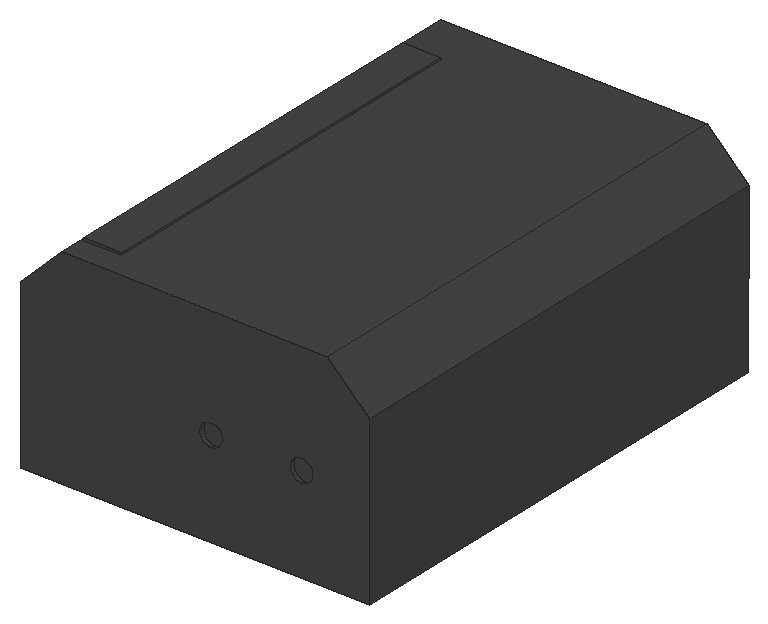
Revit family "SP4182_EUR_Revit", category Mechanical Equipment, Revit 2014
Parameters (values of type "Standard")
  d71 = 0' - 0"
  d65 = 0' - 0"
  d60 = 0' - 0"
  d37 = 0' - 0 1/4"
  d35 = 0' - 0 1/4"
  URL = "www.neptronic.com"
  Part Number = "SP4182_Revit"
  Model = "SKE10, SKE20, SKE30, SKE40"
  Manufacturer = "Neptronic"
  Extrusion_End_1 = -d60  # 0' - 0"
  Designer = "Antoine"
  Design Status = 1
  Description = "Electric Resistive humidifier"
  Date Created = "2014-08-06 15:51:08"
  Connector_5_Diameter = 0' - 0"
  Connector_4_Diameter = 0' - 0"
  Connector_3_Diameter = 0' - 0"
  Connector_2_Diameter = 0' - 0"
  Connector_1_Diameter = 0' - 0"
  Author = "Antoine"
Reference planes (in)
  plane 1 "Center (Front/Back)": y = 0
  plane 2: z = 0
  plane 3 "Center (Left/Right)": x = 0
  plane 4: y = -25.561
  plane 5: y = -25.561
  plane 6: y = -25.311
  plane 7: y = -25.561
  plane 8: y = -25.311
Forms (in)
  Sweep 1, solid
    path in 3D
      loop
        line (-10.5003, 2.939, 3.75715) -> (-10.5003, -25.561, 3.75715)
    profile origin (-10.5003, -25.561, 3.75715) x (0, 0, -1) y (1, 0, 0)
      loop
        line (0, 0) -> (10.00715, 0) -> (10.00715, 21.0003) -> (-0.04232, 21.0003) -> (-2.51382, 18.5288) -> (-2.51382, 2.51382) -> (0, 0)
  Extrusion 2, void
    sketch origin (0, -25.561, 0) x (-1, 0, 0) y (0, 0, -1)
      loop
        circle (-1.0015, 0.445) r 0.6875
    from 0 to -0.25
  Extrusion 3, void
    sketch origin (0, -25.561, 0) x (-1, 0, 0) y (0, 0, -1)
      loop
        circle (-6.438, 0.445) r 0.6875
    from 0 to -0.25
  Extrusion 4, void
    sketch origin (-10.5003, 2.939, 3.75715) x (0, 0, 1) y (1, 0, 0)
      loop
        circle (-8.25715, 9.0003) r 0.25
      loop
        circle (-8.25715, 7.2503) r 0.375
      loop
        circle (-4.75715, 2.5003) r 0.4375
      loop
        circle (-1.75715, 2.5003) r 0.4375
    from 0 to -0.25
  Extrusion 5, solid
    sketch origin (-10.5003, 2.939, 3.75715) x (0, 0, 1) y (1, 0, 0)
      loop
        circle (-0.25715, 16.8753) r 0.375
    from 0 to 0.25
  Extrusion 6, solid
    sketch origin (-7.98648, 2.939, 6.27097) x (0, -1, 0) y (1, 0, 0)
      loop
        line (3, 2.375) -> (3, 0.125) -> (27, 0.125) -> (27, 2.375) -> (3, 2.375)
    from 0 to 0.125
Cuts and joins
  Extrusion 2, Extrusion 3, Extrusion 4 cuts Sweep 1
  joined: Sweep 1, Extrusion 5, Extrusion 6
Lines and regions (in)
  reference lines
    curve 1: line (-10.5003, -25.561, 3.75715) -> (-10.5003, -25.561, -6.25)
    curve 2: line (-10.5003, -25.561, -6.25) -> (10.5, -25.561, -6.25)
    curve 3: line (10.5, -25.561, -6.25) -> (10.5, -25.561, 3.79947)
    curve 4: line (10.5, -25.561, 3.79947) -> (8.0285, -25.561, 6.27097)
    curve 5: line (8.0285, -25.561, 6.27097) -> (-7.98648, -25.561, 6.27097)
    curve 6: line (-7.98648, -25.561, 6.27097) -> (-10.5003, -25.561, 3.75715)
    curve 7: line (-10.5003, 2.939, 3.75715) -> (-10.5003, -25.561, 3.75715)
    curve 8: line (-10.5003, 2.939, 3.75715) -> (-10.5003, -25.561, 3.75715)
    curve 10: circle (1.0015, -25.561, -0.445) r 0.6875 normal (0, -1, 0)
    curve 11: circle (6.438, -25.561, -0.445) r 0.6875 normal (0, -1, 0)
    curve 12: circle (-1.5, 2.939, -4.5) r 0.25 normal (0, 1, 0)
    curve 13: circle (-3.25, 2.939, -4.5) r 0.375 normal (0, 1, 0)
    curve 14: circle (-8, 2.939, -1) r 0.4375 normal (0, 1, 0)
    curve 15: circle (-8, 2.939, 2) r 0.4375 normal (0, 1, 0)
    curve 16: circle (6.375, 2.939, 3.5) r 0.375 normal (0, 1, 0)
    curve 17: line (-5.61148, -0.061, 6.27097) -> (-7.86148, -0.061, 6.27097)
    curve 18: line (-7.86148, -24.061, 6.27097) -> (-7.86148, -0.061, 6.27097)
    curve 19: line (-5.61148, -24.061, 6.27097) -> (-7.86148, -24.061, 6.27097)
    curve 20: line (-5.61148, -0.061, 6.27097) -> (-5.61148, -24.061, 6.27097)
  sketch lines
    curve 9: line (-10.5003, 2.939, 3.75715) -> (-10.5003, -25.561, 3.75715)
Dimensions and locks (in)
  "d37": plane 6 to plane 5
  "d35": plane 8 to plane 7
  aligned and locked: plane 2 to level
  aligned and locked: Sweep 1 sketch curve to curve 1
  aligned and locked: Sweep 1 sketch curve to curve 2
  aligned and locked: Sweep 1 sketch curve to curve 3
  aligned and locked: Sweep 1 sketch curve to curve 4
  aligned and locked: Sweep 1 sketch curve to curve 5
  aligned and locked: Sweep 1 sketch curve to curve 6
  aligned and locked: curve 9 to curve 7
  aligned and locked: Extrusion 2 to plane 6
  aligned and locked: plane 5 to Extrusion 2
  aligned and locked: Extrusion 2 sketch curve to curve 10  (x2)
  aligned and locked: Extrusion 3 to plane 8
  aligned and locked: plane 7 to Extrusion 3
  aligned and locked: Extrusion 3 sketch curve to curve 11  (x2)
  aligned and locked: Extrusion 4 sketch curve to curve 12  (x2)
  aligned and locked: Extrusion 4 sketch curve to curve 13  (x2)
  aligned and locked: Extrusion 4 sketch curve to curve 14  (x2)
  aligned and locked: Extrusion 4 sketch curve to curve 15  (x2)
  aligned and locked: Extrusion 5 sketch curve to curve 16  (x2)
  aligned and locked: Extrusion 6 sketch curve to curve 17
  aligned and locked: Extrusion 6 sketch curve to curve 18
  aligned and locked: Extrusion 6 sketch curve to curve 19
  aligned and locked: Extrusion 6 sketch curve to curve 20
Connectors (in)
  hvac at (6.438, -25.561, -0.445), driven by "Connector_1_Diameter"
    settings: on cut or joined group of Sweep 1, Extrusion 2, Extrusion 3, Extrusion 4, Extrusion 5, Extrusion 6, index 1, duct flow 0 CFM, flow factor 0, pres drop 0.00 in-wg, loss coef 0, conn angle 0.00°, conn width 12", conn height 12", conn diameter 0", duct sys type 1, conn prof type 0, flow config 1, flow direction 2, loss method 0, conn ref index -1, conn util no, is conn primary yes, conn desc "Steam outlet 1 of 2   1 3/8''"
  hvac at (1.0015, -25.561, -0.445), driven by "Connector_2_Diameter"
    settings: on cut or joined group of Sweep 1, Extrusion 2, Extrusion 3, Extrusion 4, Extrusion 5, Extrusion 6, index 2, duct flow 0 CFM, flow factor 0, pres drop 0.00 in-wg, loss coef 0, conn angle 0.00°, conn width 12", conn height 12", conn diameter 0", duct sys type 1, conn prof type 0, flow config 1, flow direction 2, loss method 0, conn ref index -1, conn util no, is conn primary no, conn desc "Steam Outlet 2 of 2  1 3/8''"
  piping at (6.375, 3.189, 3.5), driven by "Connector_3_Diameter"
    settings: on cut or joined group of Sweep 1, Extrusion 2, Extrusion 3, Extrusion 4, Extrusion 5, Extrusion 6, index 3, connector diameter 0", connector inside diameter 24", connector length 0' - 0", flow factor 0, pipe flow 0 GPM, pressure drop 0.00 psi, fitting loss kfactor 0, connector angle 0.00°, fixture units 0, engagement length 0' - 0", angle of deflection 0.00°, flow configuration 1, flow direction 1, fitting loss method 0, system type 20, joint type 0, gender type 0, connector reference index -1, connector utility 0, adjustable connector no, is connector primary yes, connector description "Water inlet 3/4'' G"
  piping at (-1.5, 2.939, -4.5), driven by "Connector_4_Diameter"
    settings: on cut or joined group of Sweep 1, Extrusion 2, Extrusion 3, Extrusion 4, Extrusion 5, Extrusion 6, index 4, connector diameter 0", connector inside diameter 24", connector length 0' - 0", flow factor 0, pipe flow 0 GPM, pressure drop 0.00 psi, fitting loss kfactor 0, connector angle 0.00°, fixture units 0, engagement length 0' - 0", angle of deflection 0.00°, flow configuration 1, flow direction 2, fitting loss method 0, system type 16, joint type 0, gender type 0, connector reference index -1, connector utility 0, adjustable connector no, is connector primary no, connector description "Pan drip drain outlet 1/2''"
  piping at (-3.25, 2.939, -4.5), driven by "Connector_5_Diameter"
    settings: on cut or joined group of Sweep 1, Extrusion 2, Extrusion 3, Extrusion 4, Extrusion 5, Extrusion 6, index 5, connector diameter 0", connector inside diameter 24", connector length 0' - 0", flow factor 0, pipe flow 0 GPM, pressure drop 0.00 psi, fitting loss kfactor 0, connector angle 0.00°, fixture units 0, engagement length 0' - 0", angle of deflection 0.00°, flow configuration 1, flow direction 2, fitting loss method 0, system type 16, joint type 0, gender type 0, connector reference index -1, connector utility 0, adjustable connector no, is connector primary no, connector description "Main drain outlet 3/4''"
  electrical at (-8, 2.939, -1)
    settings: on cut or joined group of Sweep 1, Extrusion 2, Extrusion 3, Extrusion 4, Extrusion 5, Extrusion 6, index 6, voltage 0 V, apparent load 0 VA, apparent load phase1 0 VA, apparent load phase2 0 VA, apparent load phase3 0 VA, power factor 1, load classification "Other", number of poles 1, system type 13, power factor state 1, is connector primary yes, connector utility no, sub classification motor no, connector description "Low voltage control inlet (KO)"
  electrical at (-8, 2.939, 2)
    settings: on cut or joined group of Sweep 1, Extrusion 2, Extrusion 3, Extrusion 4, Extrusion 5, Extrusion 6, index 7, voltage 0 V, apparent load 0 VA, apparent load phase1 0 VA, apparent load phase2 0 VA, apparent load phase3 0 VA, power factor 0, load classification "Other", number of poles 1, system type 30, power factor state 1, is connector primary no, connector utility no, sub classification motor no, connector description "Power supply inlet (KO)"
